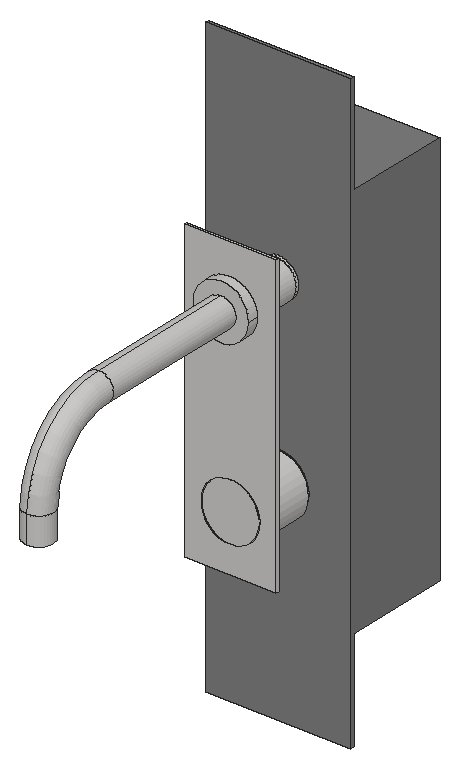
Revit family "CBR_4312", category Plumbing Fixtures, Revit 2021
Family settings
  Round Connector Dimension = Use Diameter
  Part Type = Normal
  Work Plane-Based = No
  Always vertical = Yes
  Cut with Voids When Loaded = No
  Shared = No
  Room Calculation Point = No
Parameters
  e-mail = "info@vola.com"
  URL = "http://vola.com"
  Telephone = "+45 7023 5500"
  Quality management standard = "ISO 9001"
  Organisation no. / DUNS no. = "17531328"
  Occupational health and safety management standard = "ISO 18001"
  Mounting Instructions = ""
  Model = "4312"
  Mixer Offset [instance] = 39.00 mm
  Mixer = yes
  Materials and components information = ""
  Manufacturer = "VOLA A/S"
  Maintenance Instructions = ""
  Guarantee = "2 years"
  Flow = "5,00 l/min"
  Environmental management standard = "ISO 14000"
  Default Elevation = 0.00 mm
  Connection - All relevant connections = "To valve box 3/8\" and to mixer ½\""
  Approvals = ""
Reference planes
  plane 1 "Center (Front/Back)": y = 0
  plane 2: z = 0
  plane 3 "Center (Left/Right)": x = 0
  plane 4 "Mixer plane": y = 39
  plane 5 "Wall Surface": y = 0
Forms (mm)
  Extrusion 1, solid, material "Stainless Steel", visible <- "Mixer"
    sketch origin (0, 37, 76.2) x (-1, 0, 0) y (0, 0, -1)
      loop
        circle (0, 13.2) r 13.2
    from 0 to 37
Dimensions and locks
  "Mixer Offset": plane 4 "Mixer plane" to plane 1 "Center (Front/Back)"
  aligned and locked: plane 2 to level
  aligned and locked: plane 1 "Center (Front/Back)" to Extrusion 1
  aligned and locked: nested 1 to Extrusion 1
  aligned and locked: plane 4 "Mixer plane" to nested 1
  aligned and locked: nested 2 to nested 3
Automatic sketch dimensions
  radius of Extrusion 1 sketch curve to nested 1 = 0.00 mm
Nested families
  nested 1: "4300" at (0, 111.5, 0), visible <- "Mixer", type "4300"
  nested 2: "4002V" at (0.001, 2, 3.502) x (1, 0, 0) z (0, -1, 0), type "4002V"
  nested 3: "VR510" at (0, 1.5, -56.99), type "Standard"
  nested 4: "010" at (-0.539, 0, 63), type "010"
Connectors
  piping at (47.5, 84.5, 63), diameter 19
    settings: on nested 1, index 1, connector inside diameter 0.74803", connector length 0.00 mm, flow factor 0, pipe flow 0 GPM, pressure drop 0.00 psi, fitting loss kfactor 0, connector angle 0.00°, fixture units 0, engagement length 0.00 mm, angle of deflection 0.00°, flow configuration 0, flow direction 1, fitting loss method 0, system type 20, joint type 0, gender type 0, connector reference index -1, connector utility 0, adjustable connector no, is connector primary yes, connector description ""
Definition of nested family "4300"
  Parameters
    Default Elevation = 0.00 mm
  Reference planes
    plane 1 "Center (Front/Back)": y = 0
    plane 2: z = 0
    plane 3 "Center (Left/Right)": x = 0
    plane 4: x = 0
    plane 5: y = -27
  Forms (mm)
    Extrusion 1, solid
      sketch origin (69, -2, -2.5) x (0, 0, 1) y (0, 1, 0)
        loop
          line (-127.5, 2) -> (-127.5, -68) -> (132.5, -68) -> (132.5, 2) -> (-127.5, 2)
      from 21.5 to 116.5
    Extrusion 2, solid
      sketch origin (70, -2, -2.5) x (0, 0, 1) y (0, 1, 0)
        loop
          line (-193.5, -68) -> (-193.5, -70.5) -> (198.5, -70.5) -> (198.5, -68) -> (-193.5, -68)
      from 22.5 to 117.5
    Extrusion 3, solid
      sketch origin (69, -2, -96) x (0, 0, 1) y (-1, 0, 0)
        loop
          circle (39, 69) r 19.95
      from 70.5 to 72.5
    Extrusion 4, solid
      sketch origin (69, -2, 24) x (0, 0, 1) y (-1, 0, 0)
        loop
          circle (39, 69) r 13.2
      from 70.5 to 72.5
  Cuts and joins
    joined: Extrusion 1, Extrusion 2
  Lines and regions (mm)
    reference lines
      curve 1: line (0, -27, -57) -> (0, -122.5, -57)
      curve 2: line (0, -27, 63) -> (0, -124.5, 63)
      curve 3: line (0, -27, 63) -> (99, -27, 63)
      curve 4: line (0, -27, -57) -> (99, -27, -57)
      curve 5: line (0, -27, 63) -> (-99, -27, 63)
      curve 6: line (0, -27, -57) -> (-99, -27, -57)
  Dimensions and locks
    aligned and locked: plane 2 to level
    aligned and locked: Extrusion 1 to Extrusion 2
    aligned and locked: Extrusion 2 to Extrusion 1
Definition of nested family "4002V"
  Parameters
    e-mail = "info@vola.com"
    URL = "http://vola.com"
    Telephone = "+45 7023 5500"
    Quality management standard = "ISO 9001"
    Organisation no. / DUNS no. = "17531328"
    Occupational health and safety management standard = "ISO 18001"
    Mounting Instructions = ""
    Model = "002L"
    Materials and components information = ""
    Manufacturer = "VOLA A/S"
    Maintenance Instructions = ""
    Guarantee = "2 years"
    Environmental management standard = "ISO 14000"
    Default Elevation = 1219.20 mm
    Connection - All relevant connections = ""
    Approvals = "http://vola.com/service/producturl.ashx?name=002L"
  Reference planes
    plane 1 "Center (Front/Back)": y = 0
    plane 2: z = 0
    plane 3 "Center (Left/Right)": x = 0
  Forms (mm)
    Extrusion 1, solid
      sketch origin (0, 0, 0) x (0, -1, 0) y (1, 0, 0)
        loop
          line (-97.5, 30) -> (-97.5, -30) -> (97.5, -30) -> (97.5, 30) -> (-97.5, 30)
        loop
          circle (-59.5, -0.035) r 16.5
        loop
          circle (60.5, 0) r 19
      from 0 to 2
    Extrusion 2, solid
      sketch origin (0, -138.5, 0) x (0, -1, 0) y (1, 0, 0)
        loop
          circle (-78, 0) r 19
        loop
          circle (-78, 0) r 21
      from 0 to -35
  Dimensions and locks
    aligned and locked: plane 2 to level
Definition of nested family "VR510"
  Parameters
    e-mail = "info@vola.com"
    URL = "http://vola.com"
    Telephone = "+45 7023 5500"
    Quality management standard = "ISO 9001"
    Organisation no. / DUNS no. = "17531328"
    Occupational health and safety management standard = "ISO 18001"
    Mounting Instructions = ""
    Model = "RS82E"
    Materials and components information = ""
    Manufacturer = "VOLA A/S"
    Maintenance Instructions = ""
    Guarantee = "2 years"
    Environmental management standard = "ISO 14000"
    Default Elevation = 0.00 mm
    Connection - All relevant connections = ""
    Approvals = "http://vola.com/service/producturl.ashx?name=RS82E"
  Reference planes
    plane 1 "Center (Front/Back)": y = 0
    plane 2: z = 0
    plane 3 "Center (Left/Right)": x = 0
  Forms (mm)
    Extrusion 1, solid
      sketch origin (0, 0, 0) x (-1, 0, 0) y (0, 0, -1)
        loop
          circle (0, 0) r 19
      from 0 to 1.5
  Lines and regions (mm)
    model lines
      curve 1: circle (0, -1.5, 0) r 1.5 normal (0, 1, 0)
      curve 2: circle (0, -1.5, 5) r 1.5 normal (0, 1, 0)
      curve 3: circle (0, -1.5, -5) r 1.5 normal (0, 1, 0)
  Dimensions and locks
    aligned and locked: plane 2 to level
Definition of nested family "010"
  Parameters
    e-mail = "info@vola.com"
    URL = "http://vola.com"
    Telephone = "+45 7023 5500"
    Quality management standard = "ISO 9001"
    Organisation no. / DUNS no. = "17531328"
    Occupational health and safety management standard = "ISO 18001"
    Mounting Instructions = "http://vola.com/service/producturl.ashx?name=010"
    Model = "010"
    Materials and components information = "http://vola.com/service/producturl.ashx?name=010"
    Manufacturer = "VOLA A/S"
    Maintenance Instructions = "http://vola.com/service/producturl.ashx?name=010"
    Guarantee = "2 years"
    Flow = "0 l/min"
    Environmental management standard = "ISO 14000"
    Default Elevation = 0.00 mm
    Connection - All relevant connections = ""
    Approvals = "http://vola.com/service/producturl.ashx?name=010"
  Reference planes
    plane 1 "Center (Front/Back)": y = 0
    plane 2: z = 0
    plane 3 "Center (Left/Right)": x = 0
  Forms (mm)
    Extrusion 1, solid
      sketch origin (0, 0, 0) x (1, 0, 0) y (0, 0, 1)
        loop
          circle (0, 0) r 18
      from 0 to 7
    Sweep 2, solid
      path origin (0, 0, 0) x (0, 1, 0) y (0, 0, 1)
        loop
          line (-7, 0) -> (-107, 0)
          arc (-107, 0) -> (-141.648, -14.352) -> (-156, -49) r 49
      profile origin (0, -141.648, -14.352) x (0, 0.707107, -0.707107) y (1, 0, 0)
        loop
          circle (0, 0) r 9.5
    Extrusion 3, solid
      sketch origin (0, -156, -49) x (0, -1, 0) y (-1, 0, 0)
        loop
          circle (0, 0) r 9.5
      from 0 to 18
  Dimensions and locks
    aligned and locked: plane 2 to level
